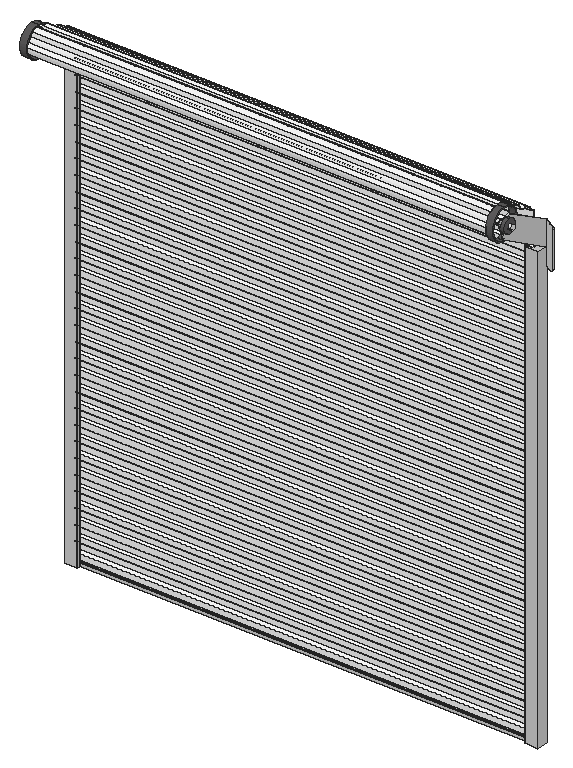
Revit family "ProStar-Rolling-Steel-Sheet-Doors_OHD_Model-770SS-REV-A_compact", category Specialty Equipment, host Wall, Revit 2023
Family settings
  Host = Wall
  Round Connector Dimension = Use Diameter
  Part Type = Normal
  OmniClass Number = 23.30.10.21.34
  OmniClass Title = Industrial Doors
  Enable Cutting in Views = No
  Always vertical = Yes
  Cut with Voids When Loaded = No
  Maintain Annotation Orientation = No
  Shared = No
  Room Calculation Point = No
Parameters (values of type "Manual push-up")
  Voltage = 0 V
  Version = "1.00.01"  # constant formula
  True Opening Width [instance] = Clear Width  # 100"
  True Opening Height [instance] = Clear Height  # 100"
  Slat Height = 3 91/256" * 3  # 10 17/256"
  Product Page URL = "https://www.overheaddoor.com/rolling-steel-sheet-doors-770ss"
  Slat Length [instance] = [Opening Width (Real)] + 1/4" * 2 + 1 77/256" * 2  # 103 13/128"
  Power Factor = 1
  Opening Width [instance] = 100"
  Opening Height [instance] = 100"
  Number of Poles = 1
  Motor Type [instance] = if(Manual, "Manual", "RLD Operator")  # "Manual"
  Min Opening Width [instance] = 36"  # constant formula
  Min Opening Height [instance] = 84"  # constant formula
  Max Opening Width [instance] = 120"  # constant formula
  Max Opening Height [instance] = 120"  # constant formula
  Manual = yes
  Headroom Height [instance] = 13"  # constant formula
  Opening Width (Real) [instance] = if(Opening Width < Min Opening Width, Min Opening Width, if(Opening Width > Max Opening Width, Max Opening Width, Opening Width))  # 100"
  Opening Height (Real) [instance] = if(Opening Height < Min Opening Height, Min Opening Height, if(Opening Height > Max Opening Height, Max Opening Height, Opening Height))  # 100"
  URL = "https://www.overheaddoor.com/"
  Product data url = "https://www.bimobject.com/overhead-door/product/rolling-steel-sheet-doors-770ss"
  Product Guid = "baa10993-ca86-4fcb-93c5-7650eb106bfa"
  Model = "770SS"  # constant formula
  Manufacturer = "Overhead Door Corporation"  # constant formula
  Wall Closure = By host
  Frequency = 0 Hz
  Floor To (CL) of Shaft [instance] = [Opening Height (Real)] + 9 149/256"  # 109 149/256"
  Finish Material = Metal - Overhead Door - Galvanized Steel
  Electrical Operator = not(Manual)  # no
  Description = "MODEL 770SS SELF-STORAGE ROLLING SHEET DOOR"  # constant formula
  Default Elevation = 0"
  Date Updated = "2026/05/29"  # constant formula
  Curtain Material [instance] = Steel - Overhead Door - White
  Current = 0 A
  Connection Offset [instance] = [Floor To (CL) of Shaft] - Array Length - 1 3/16" + 1/256"  # 7 47/64"
  Clear Width [instance] = [Opening Width (Real)]  # 100"
  Clear Height [instance] = [Opening Height (Real)]  # 100"
  BimObject_Variable_Connectors = "No"  # constant formula
  Backroom Depth [instance] = 15"  # constant formula
  Array Length [instance] = (Array) * Slat Height  # 100 85/128"
  Array [instance] = rounddown(([Opening Height (Real)] - 1 3/16" + 7 113/256") / Slat Height)  # 10
  Apparent Load Phase 1 = Voltage * Current  # 0 VA
Reference planes (in)
  plane 1 "Center (Front/Back)": y = 0
  plane 2 "Center (Left/Right)": x = 0
  plane 3 "Left": x = -50
  plane 4 "Right": x = 50
  plane 5 "Exterior": y = 1.5
  plane 6 "Interior": y = -4.5
  plane 7: x = 50
  plane 8: x = -50
  plane 9: z = 100
  plane 10 "Top": z = 113
  plane 11 "Main": y = -5.75
  plane 12: y = -19.5
  plane 13 "Main Door Block": y = -4.5
  plane 14: z = 47.47
  plane 15 "Bottom Bar": z = 1.1875
  plane 16: x = 52.5
  plane 17: x = -52.5
  plane 18: y = -5.253
  plane 19: y = -6.048
  plane 20: z = 101.85156
  plane 21: z = 109.58203
  plane 22: z = 11.25391
Lines and regions (in)
  Opening 1
    outline origin (-90, -4.5, 0) x (1, 0, 0) y (0, 0, 1)
      loop
        line (40, 0) -> (140, 0) -> (140, 100) -> (40, 100) -> (40, 0)
Text (in)
  text "Exterior" at (-74.96733, 27.31104, 0), in view "Ref. Level"
  text "Interior" at (-74.96733, -25.14366, 0), in view "Ref. Level"
  text "Exterior" at (0, 40.15149, 123.01588), in view "Right"
  text "Interior" at (0, -64.39139, 123.01588), in view "Right"
  text "Interior" at (0, -31.01599, 123.00693), in view "Left"
  text "Exterior" at (0, 54.57065, 123.00693), in view "Left"
Dimensions and locks (in)
  equal spacing: plane 3 "Left", plane 2 "Center (Left/Right)", plane 4 "Right"
  level to host wall = 459.59655"
  "Opening Height (Real)": level to plane 9
  plane 8 to plane 2 "Center (Left/Right)" to plane 7 = 50", 50"
  "Headroom Height": plane 9 to plane 10 "Top"
  locked: plane 13 "Main Door Block" to plane 11 "Main" at 1.25
  locked: plane 1 "Center (Front/Back)" to plane 6 "Interior" at 4.5
  locked: plane 8 to plane 17 at 2.5
  locked: plane 16 to plane 7 at 2.5
  locked: plane 5 "Exterior" to plane 1 "Center (Front/Back)" at 1.5
  equal spacing: plane 7, plane 2 "Center (Left/Right)", plane 8
  locked: plane 18 to plane 11 "Main" at 0.497
  "Opening Width (Real)": plane 7 to plane 8
  "Backroom Depth": plane 12 to plane 6 "Interior"
  locked: plane 11 "Main" to plane 19 at 0.298
  plane 19 to plane 11 "Main" = 0.298"
  locked: plane 15 "Bottom Bar" to level at 1.1875
  "Array Length": plane 20 to plane 15 "Bottom Bar"
  nested 1 to nested 1 = 0.937"
  "Floor To (CL) of Shaft": plane 21 to level
  locked: plane 12 to nested 3 at 3.418
  "Slat Height": plane 22 to plane 15 "Bottom Bar"
  equal spacing: group 1, group 2, group 3, group 4, group 5, group 6, group 7, group 8, group 9, group 10  (x3)
  locked: plane 7 to nested 13 at 7.9775
  locked: plane 12 to nested 13 at 3.418
  aligned and locked: Opening 1 sketch curve to level
  aligned and locked: plane 5 "Exterior" to host wall
  aligned and locked: host wall to plane 6 "Interior"
  aligned and locked: plane 8 to Opening 1 sketch curve
  aligned and locked: plane 7 to Opening 1 sketch curve
  aligned and locked: Opening 1 sketch curve to plane 9
  aligned and locked: nested 1 to plane 6 "Interior"
  aligned and locked: nested 1 to plane 2 "Center (Left/Right)"
  aligned and locked: level to nested 1
  aligned and locked: plane 13 "Main Door Block" to plane 6 "Interior"
  aligned and locked: plane 21 to nested 3
  aligned and locked: plane 2 "Center (Left/Right)" to nested 3
  aligned and locked: plane 15 "Bottom Bar" to nested 2
  aligned and locked: plane 22 to nested 4
  aligned and locked: plane 19 to nested 2
  aligned and locked: plane 19 to nested 4
  aligned and locked: plane 2 "Center (Left/Right)" to nested 2
  aligned and locked: plane 2 "Center (Left/Right)" to nested 4
  aligned and locked: plane 21 to nested 13
  aligned and locked: plane 4 "Right" to plane 7
Nested families (in)
  nested 1: "Lifts" at (0, -4.5, 0) x (-1, 0, 0) z (0, 0, 1), Floor To (CL) of Shaft <- "Floor To (CL) of Shaft", type "Frame Unit"
    with Floor To (CL) of Shaft 109 149/256"
  nested 2: "Slat" at (0, -6.048, 1.1875), type "Slat"
  nested 3: "Top Slat" at (0, -16.082, 109.58203), type "Top Slat"
  nested 4: "Slat" at (0, -6.048, 11.25391), type "Slat"
  nested 5: "Slat" at (0, -6.048, 21.32031), type "Slat"
  nested 6: "Slat" at (0, -6.048, 31.38672), type "Slat"
  nested 7: "Slat" at (0, -6.048, 41.45313), type "Slat"
  nested 8: "Slat" at (0, -6.048, 51.51953), type "Slat"
  nested 9: "Slat" at (0, -6.048, 61.58594), type "Slat"
  nested 10: "Slat" at (0, -6.048, 71.65234), type "Slat"
  nested 11: "Slat" at (0, -6.048, 81.71875), type "Slat"
  nested 12: "Slat" at (0, -6.048, 91.78516), type "Slat"
  nested 13: "Motor" at (57.9775, -16.082, 109.58203), visible <- "Electrical Operator", type "Motor"
Connectors (in)
  electrical at (55.0075, -16.082, 109.58203), driven by "Number of Poles", driven by "Voltage", driven by "Apparent Load Phase 1", driven by "Power Factor"
    settings: on nested 13, index 1, voltage 0 V, apparent load 0 VA, apparent load phase1 0 VA, apparent load phase2 0 VA, apparent load phase3 0 VA, power factor 1, load classification "Other", number of poles 1, system type 31, power factor state 1, is connector primary yes, connector utility no, sub classification motor no, connector description "Electrical Connector"
Definition of nested family "Lifts"
  Parameters (values of type "Frame Unit")
    Steel Support Outter Radius = 2.82"  # constant formula
    Steel Support Inner Radius = 2 3/4"  # constant formula
    Shaft Radius = 0.563"  # constant formula
    Shaft Material = none
    Setback = 1/4"  # constant formula
    Right Shaft Offset = 5"
    Resin Stopper Radius = 1 1/2"  # constant formula
    Resin Muft Outter Diameter = 3.417"  # constant formula
    Resin Muft Inner Diameter = 3.347"  # constant formula
    Resin Elements Material = none
    Opening Width = 100"
    Manual = yes
    Left Shaft Offset = 5"
    Jack Offset = if(Manual, -0.937", -0.293")  # -0.937"
    J Offset = 11.582"  # constant formula
    Headroom Height = 13"
    Header Width = 15"
    Guide Width R Real = Guid Width + Setback  # 3 1/4"
    Guide Width L Real = Guid Width + Setback  # 3 1/4"
    Guid Width = 3"
    Opening Height = 100"
    Floor To (CL) of Shaft [instance] = 107.54"
    Finish Material = none
    Electrical Operator = not(Manual)  # no
    Analytic Construction = "<None>"
  Reference planes (in)
    plane 1 "Center (Front/Back)": y = 0
    plane 2: z = 0
    plane 3 "Center (Left/Right)": x = 0
    plane 4 "Left": x = -50
    plane 5 "Right": x = 50
    plane 6 "Opening Height": z = 100
    plane 7: x = -55
    plane 8: x = 55
    plane 9: z = 113
    plane 10: y = 15
    plane 11: x = -25
    plane 12: x = 25
    plane 13: z = 107.54
    plane 14: y = 11.582
    plane 15: x = -51.55
    plane 16: x = 51.55
    plane 17: x = 53.25
    plane 18: x = -53.25
  Forms (in)
    Extrusion 1, solid, material <- "Finish Material"
      sketch origin (0, 0, 0) x (1, 0, 0) y (0, 1, 0)
        loop
          line (-53.25, 0) -> (-50.375, 0)
          arc (-50.375, 0) -> (-50.28661, 0.03661) -> (-50.25, 0.125) r 0.125
          line (-50.25, 0.125) -> (-50.25, 0.625)
          arc (-50.25, 0.625) -> (-50.26831, 0.66919) -> (-50.3125, 0.6875) r 0.0625
          line (-50.3125, 0.6875) -> (-51.55, 0.6875) -> (-51.55, 1.78125) -> (-50.325, 1.78125)
          arc (-50.325, 1.78125) -> (-50.27197, 1.80322) -> (-50.25, 1.85625) r 0.075
          line (-50.25, 1.85625) -> (-50.25, 2.21875)
          arc (-50.25, 2.21875) -> (-50.28661, 2.30714) -> (-50.375, 2.34375) r 0.125
          line (-50.375, 2.34375) -> (-53.25, 2.34375) -> (-53.25, 0)
        loop
          line (53.25, 0) -> (53.25, 2.34375) -> (50.3625, 2.34375)
          arc (50.3625, 2.34375) -> (50.28295, 2.3108) -> (50.25, 2.23125) r 0.1125
          line (50.25, 2.23125) -> (50.25, 1.85625)
          arc (50.25, 1.85625) -> (50.27197, 1.80322) -> (50.325, 1.78125) r 0.075
          line (50.325, 1.78125) -> (51.55, 1.78125) -> (51.55, 0.6875) -> (50.3125, 0.6875)
          arc (50.3125, 0.6875) -> (50.26831, 0.66919) -> (50.25, 0.625) r 0.0625
          line (50.25, 0.625) -> (50.25, 0.125)
          arc (50.25, 0.125) -> (50.28661, 0.03661) -> (50.375, 0) r 0.125
          line (50.375, 0) -> (53.25, 0)
      from 100 to 0
    Extrusion 2, solid, material <- "Finish Material"
      sketch origin (0, 0, 0) x (0, 1, 0) y (0, 0, 1)
        loop
          line (2.0625, 1) -> (2.0625, 1.1875) -> (1.45087, 1.1875) -> (1.45087, 2.125) -> (-0.15187, 2.125) -> (-0.3125, 1.96437) -> (-0.3125, 1.34813) -> (-0.15187, 1.1875) -> (0, 1.1875) -> (0, 1) -> (2.0625, 1)
      from -51.55 to 51.55
    Extrusion 3, solid, material <- "Finish Material"
      sketch origin (0, 0, 0) x (0, 1, 0) y (0, 0, 1)
        loop
          line (0.73437, 1) -> (0.73437, 0) -> (1.73437, 0) -> (1.73437, 1) -> (0.73437, 1)
      from -51.55 to 51.55
    Extrusion 4, solid, material <- "Shaft Material"
      sketch origin (0, 0, 0) x (0, 1, 0) y (0, 0, 1)
        loop
          circle (11.582, 107.54) r 0.563
      from -55 to 55
    Extrusion 5, solid, material <- "Finish Material"
      sketch origin (-53.25, 0, 100) x (0, 0, 1) y (-1, 0, 0)
        loop
          line (-3.60557, -106.5) -> (-4.29837, -107.29697)
          arc (-4.29837, -107.29697) -> (-4.37599, -107.83235) -> (-3.92101, -108.125) r 0.5
          line (-3.92101, -108.125) -> (4.09522, -108.125)
          arc (4.09522, -108.125) -> (4.31048, -108.07629) -> (4.4838, -107.93966) r 0.5
          line (4.4838, -107.93966) -> (5.54434, -106.63) -> (5.54434, -106.5) -> (-3.60557, -106.5)
        loop
          line (-3.60557, 0) -> (5.54434, 0) -> (5.54434, 0.13) -> (4.4838, 1.43966)
          arc (4.4838, 1.43966) -> (4.31048, 1.57629) -> (4.09522, 1.625) r 0.5
          line (4.09522, 1.625) -> (-3.92101, 1.625)
          arc (-3.92101, 1.625) -> (-4.37599, 1.33235) -> (-4.29837, 0.79697) r 0.5
          line (-4.29837, 0.79697) -> (-3.60557, 0)
      from 0 to -0.13
    Extrusion 6, solid, material <- "Finish Material"
      sketch origin (-53.25, 0, 100) x (0, 0, 1) y (0, -1, 0)
        loop
          line (11.28691, -10.43366) -> (5.56096, 0) -> (0.01773, 0) -> (6.5984, -11.99111) -> (10.6357, -13.50019) -> (11.28691, -10.43366)
      from 0 to 0.13
    Extrusion 7, solid, material <- "Finish Material"
      sketch origin (53.25, 0, 100) x (0, 0, 1) y (0, -1, 0)
        loop
          line (11.28691, -10.43366) -> (5.56096, 0) -> (0.01773, 0) -> (6.5984, -11.99111) -> (10.6357, -13.50019) -> (11.28691, -10.43366)
      from 0 to -0.13
    Extrusion 8, solid, material <- "Resin Elements Material"
      sketch origin (-53.25, 0, 100) x (0, 0, 1) y (0, -1, 0)
        loop
          circle (7.54, -11.582) r 1.5
      from -0.937 <- "Jack Offset" to 0
    Extrusion 9, solid, material <- "Resin Elements Material"
      sketch origin (53.25, 0, 100) x (0, 0, 1) y (0, -1, 0)
        loop
          circle (7.54, -11.582) r 1.5
      from 0.937 to 0
    Extrusion 10, void
      sketch origin (0, 0, 0) x (1, 0, 0) y (0, 1, 0)
        loop
          line (50, -0.3125) -> (51.55, -0.3125) -> (51.55, 0.125) -> (50, 0.125) -> (50, -0.3125)
        loop
          line (-50, -0.3125) -> (-50, 0.125) -> (-51.55, 0.125) -> (-51.55, -0.3125) -> (-50, -0.3125)
      from 0 to 2.125
    Extrusion 11, solid, material <- "Resin Elements Material"
      sketch origin (53.25, 0, 100) x (0, 0, 1) y (0, -1, 0)
        loop
          circle (7.54, -11.582) r 3.417
        loop
          circle (7.54, -11.582) r 3.347
      from -1.7 to -0.13
    Extrusion 12, solid, material <- "Resin Elements Material"
      sketch origin (-53.25, 0, 100) x (0, 0, 1) y (0, -1, 0)
        loop
          circle (7.54, -11.582) r 3.417
        loop
          circle (7.54, -11.582) r 3.347
      from 1.7 to 0.13
    Extrusion 13, solid, material <- "Shaft Material"
      sketch origin (25, -180, 76.25522) x (0, 0, 1) y (0, -1, 0)
        loop
          line (31.28478, -188.832) -> (31.28478, -188.762)
          arc (31.28478, -188.762) -> (28.46478, -191.582) -> (31.28478, -194.402) r 2.82
          line (31.28478, -194.402) -> (31.28478, -194.332)
          arc (31.28478, -194.332) -> (28.53478, -191.582) -> (31.28478, -188.832) r 2.75
      from -0.753 to 0.753
    Extrusion 14, solid, material <- "Shaft Material"
      sketch origin (0, 0, 0) x (0, 1, 0) y (0, 0, 1)
        loop
          line (8.832, 107.54) -> (8.762, 107.54)
          arc (8.762, 107.54) -> (11.582, 104.72) -> (14.402, 107.54) r 2.82
          line (14.402, 107.54) -> (14.332, 107.54)
          arc (14.332, 107.54) -> (11.582, 104.79) -> (8.832, 107.54) r 2.75
      from -0.753 to 0.753
    Extrusion 15, solid, material <- "Shaft Material"
      sketch origin (-25, -180, -24) x (0, 0, -1) y (0, -1, 0)
        loop
          arc (-131.54, -188.832) -> (-128.79, -191.582) -> (-131.54, -194.332) r 2.75
          line (-131.54, -194.332) -> (-131.54, -194.402)
          arc (-131.54, -194.402) -> (-128.72, -191.582) -> (-131.54, -188.762) r 2.82
          line (-131.54, -188.762) -> (-131.54, -188.832)
      from -0.753 to 0.753
  Cuts and joins
    joined: Extrusion 5, Extrusion 6, Extrusion 7
    Extrusion 10 cuts Extrusion 2
  Lines and regions (in)
    Masking region 1
      outline origin (0, 0, 0) x (1, 0, 0) y (0, 1, 0)
        loop
          line (-54.187, 13.082) -> (-54.187, 10.082) -> (-53.25, 10.082) -> (-53.25, 13.082) -> (-54.187, 13.082)
        loop
          line (-51.55, 8.165) -> (-51.55, 14.999) -> (-53.12, 14.999) -> (-53.12, 8.165) -> (-51.55, 8.165)
        loop
          line (51.55, 14.999) -> (51.55, 8.165) -> (53.12, 8.165) -> (53.12, 14.999) -> (51.55, 14.999)
        loop
          line (54.187, 10.082) -> (54.187, 13.082) -> (53.25, 13.082) -> (53.25, 10.082) -> (54.187, 10.082)
    Masking region 2
      outline origin (0, 0, 0) x (1, 0, 0) y (0, 1, 0)
        loop
          line (-53.25, 13.50019) -> (-53.25, 0.13) -> (-54.875, 0.13) -> (-54.875, 0) -> (-53.12, 0) -> (-53.12, 13.50019) -> (-53.25, 13.50019)
        loop
          line (53.25, 0.13) -> (53.25, 13.50019) -> (53.12, 13.50019) -> (53.12, 0) -> (54.875, 0) -> (54.875, 0.13) -> (53.25, 0.13)
        loop
          line (55, 11.019) -> (55, 12.145) -> (54.187, 12.145) -> (54.187, 11.019) -> (55, 11.019)
    Masking region 3
      outline origin (0, 0, 0) x (1, 0, 0) y (0, 1, 0)
        loop
          line (-51.55, 2.34375) -> (-53.25, 2.34375) -> (-53.25, 0) -> (-51.55, 0) -> (-51.55, 2.34375)
        loop
          line (51.55, 2.34375) -> (51.55, 0) -> (53.25, 0) -> (53.25, 2.34375) -> (51.55, 2.34375)
    Masking region 4
      outline origin (0, 0, 0) x (1, 0, 0) y (0, 1, 0)
        loop
          line (-55, 11.019) -> (-54.187, 11.019) -> (-54.187, 12.145) -> (-55, 12.145) -> (-55, 11.019)
    reference lines
      curve 1: line (53.25, 0, 100) -> (53.25, 0, 109.583)
      curve 2: line (-53.25, 0, 100) -> (-53.25, 0, 109.583)
  Dimensions and locks (in)
    equal spacing: plane 4 "Left", plane 3 "Center (Left/Right)", plane 5 "Right"
    "Opening Width": plane 4 "Left" to plane 5 "Right"
    "Opening Height": plane 6 "Opening Height" to level
    "Guide Width L Real": Extrusion 1 sketch curve to plane 4 "Left"
    locked: Extrusion 1 sketch curve to Extrusion 1 sketch curve at 2.34375
    "Headroom Height": plane 9 to plane 6 "Opening Height"
    plane 10 to plane 1 "Center (Front/Back)" = 15"
    "Header Width": plane 10 to plane 1 "Center (Front/Back)"
    locked: Extrusion 1 sketch curve to Extrusion 1 sketch curve at 0.5625
    locked: Extrusion 1 sketch curve to Extrusion 1 sketch curve at 0.6875
    locked: Extrusion 3 sketch curve to level at 1
    locked: Extrusion 2 sketch curve to level at 2.125
    locked: Extrusion 2 sketch curve to level at 1.1875
    locked: Extrusion 2 sketch curve to Extrusion 2 sketch curve at 1.125
    locked: Extrusion 2 sketch curve to Extrusion 2 sketch curve at 0.16063  (x2)
    locked: Extrusion 10 sketch curve to plane 1 "Center (Front/Back)" at 0.3125  (x2)
    locked: plane 1 "Center (Front/Back)" to Extrusion 10 sketch curve at 0.125
    equal spacing: plane 4 "Left", plane 11, plane 3 "Center (Left/Right)"
    equal spacing: plane 5 "Right", plane 12, plane 3 "Center (Left/Right)"
    "Floor To (CL) of Shaft": plane 13 to plane 2
    "J Offset": plane 14 to plane 1 "Center (Front/Back)"
    locked: curve 1 to curve 1 at 9.583
    locked: curve 2 to curve 2 at 9.583
    "Setback": Extrusion 1 sketch curve to plane 4 "Left"
    locked: Extrusion 1 sketch curve to Extrusion 1 sketch curve at 1.3  (x2)
    "Setback": plane 5 "Right" to Extrusion 1 sketch curve
    "Guide Width R Real": plane 5 "Right" to Extrusion 1 sketch curve
    locked: plane 15 to plane 4 "Left" at 1.55
    locked: plane 5 "Right" to plane 16 at 1.55
    "Guide Width R Real": plane 5 "Right" to plane 17
    "Guide Width L Real": plane 18 to plane 4 "Left"
    "Left Shaft Offset": plane 7 to plane 4 "Left"
    "Right Shaft Offset": plane 5 "Right" to plane 8
    equal spacing: Masking region 1 sketch curve, plane 14, Masking region 1 sketch curve  (x2)
    "Resin Stopper Radius": plane 14 to Masking region 1 sketch curve
    "Resin Muft Outter Diameter": Masking region 1 sketch curve to plane 14
    locked: Masking region 2 sketch curve to plane 18 at 1.625
    locked: plane 17 to Masking region 2 sketch curve at 1.625
    equal spacing: Masking region 2 sketch curve, plane 14, Masking region 2 sketch curve
    "Shaft Radius": Masking region 2 sketch curve to plane 14
    locked: plane 1 "Center (Front/Back)" to Extrusion 3 sketch curve at 0.73437
    locked: Extrusion 3 sketch curve to Extrusion 3 sketch curve at 1
    equal spacing: Masking region 4 sketch curve, plane 14, Masking region 4 sketch curve
    "Shaft Radius": Masking region 4 sketch curve to plane 14
    radius of Extrusion 1 sketch curve = 1/16"  (x2)
    radius of Extrusion 1 sketch curve = 1/8"  (x3)
    radius of Extrusion 1 sketch curve = 0.075"  (x2)
    radius of Extrusion 1 sketch curve = 0.1125"
    "Shaft Radius": radius of Extrusion 4 sketch curve
    radius of Extrusion 5 sketch curve = 1/2"  (x4)
    "Resin Muft Inner Diameter": radius of Extrusion 11 sketch curve
    "Resin Muft Outter Diameter": radius of Extrusion 11 sketch curve
    "Resin Muft Inner Diameter": radius of Extrusion 12 sketch curve
    "Resin Muft Outter Diameter": radius of Extrusion 12 sketch curve
    "Resin Stopper Radius": radius of Extrusion 8 sketch curve
    "Resin Stopper Radius": radius of Extrusion 9 sketch curve
    "Steel Support Inner Radius": radius of Extrusion 13 sketch curve
    "Steel Support Outter Radius": radius of Extrusion 13 sketch curve
    "Steel Support Outter Radius": radius of Extrusion 14 sketch curve
    "Steel Support Inner Radius": radius of Extrusion 14 sketch curve
    "Steel Support Inner Radius": radius of Extrusion 15 sketch curve
    "Steel Support Outter Radius": radius of Extrusion 15 sketch curve
    locked: Extrusion 5 sketch curve to Extrusion 5 sketch curve (angle 129.00°)  (x2)
    locked: Extrusion 5 sketch curve to Extrusion 5 sketch curve (angle 131.00°)
    aligned and locked: plane 2 to level
    aligned and locked: plane 1 "Center (Front/Back)" to Extrusion 1 sketch curve
    aligned and locked: Extrusion 1 sketch curve to plane 1 "Center (Front/Back)"
    aligned and locked: Extrusion 1 sketch curve to Extrusion 1 sketch curve  (x5)
    aligned and locked: plane 7 to Extrusion 4
    aligned and locked: Extrusion 4 to plane 8
    aligned and locked: plane 6 "Opening Height" to Extrusion 1
    aligned and locked: Extrusion 3 sketch curve to level
    aligned and locked: Extrusion 2 sketch curve to Extrusion 2 sketch curve
    aligned and locked: Extrusion 10 sketch curve to plane 5 "Right"
    aligned and locked: Extrusion 10 sketch curve to plane 4 "Left"
    aligned and locked: Extrusion 10 sketch curve to Extrusion 10 sketch curve
    aligned and locked: Extrusion 13 sketch curve to Extrusion 13 sketch curve  (x2)
    aligned and locked: Extrusion 15 sketch curve to Extrusion 15 sketch curve  (x2)
    aligned and locked: Extrusion 14 sketch curve to Extrusion 14 sketch curve  (x2)
    aligned and locked: plane 13 to Extrusion 4 sketch curve
    aligned and locked: plane 14 to Extrusion 4 sketch curve
    aligned and locked: plane 14 to Extrusion 8 sketch curve
    aligned and locked: plane 13 to Extrusion 8 sketch curve
    aligned and locked: plane 14 to Extrusion 9 sketch curve
    aligned and locked: plane 13 to Extrusion 9 sketch curve
    aligned and locked: plane 14 to Extrusion 11 sketch curve  (x2)
    aligned and locked: plane 13 to Extrusion 11 sketch curve  (x2)
    aligned and locked: plane 14 to Extrusion 12 sketch curve  (x2)
    aligned and locked: plane 13 to Extrusion 12 sketch curve
    aligned and locked: plane 14 to Extrusion 13 sketch curve  (x2)
    aligned and locked: plane 13 to Extrusion 13 sketch curve  (x2)
    aligned and locked: plane 14 to Extrusion 14 sketch curve  (x2)
    aligned and locked: plane 13 to Extrusion 14 sketch curve  (x2)
    aligned and locked: plane 14 to Extrusion 15 sketch curve  (x2)
    aligned and locked: plane 13 to Extrusion 15 sketch curve  (x2)
    aligned and locked: plane 6 "Opening Height" to curve 1
    aligned and locked: plane 6 "Opening Height" to curve 2
    aligned and locked: Extrusion 10 sketch curve to plane 15
    aligned and locked: plane 15 to Extrusion 3
    aligned and locked: plane 15 to cut or joined group of Extrusion 2, Extrusion 10
    aligned and locked: Extrusion 3 to plane 16
    aligned and locked: cut or joined group of Extrusion 2, Extrusion 10 to plane 16
    aligned and locked: Extrusion 10 sketch curve to plane 16
    aligned and locked: curve 1 to plane 17
    aligned and locked: Extrusion 5 sketch curve to curve 1
    aligned and locked: curve 2 to plane 18
    aligned and locked: Masking region 1 sketch curve to Extrusion 8  (x2)
    aligned and locked: Extrusion 12 to Masking region 1 sketch curve  (x2)
    aligned and locked: Masking region 1 sketch curve to Extrusion 11  (x2)
    aligned and locked: Masking region 1 sketch curve to Extrusion 9  (x2)
    aligned and locked: Masking region 1 sketch curve to Masking region 1 sketch curve  (x4)
    aligned and locked: Masking region 2 sketch curve to cut or joined group of Extrusion 5, Extrusion 6, Extrusion 7  (x7)
    aligned and locked: cut or joined group of Extrusion 5, Extrusion 6, Extrusion 7 to Masking region 2 sketch curve  (x3)
    aligned and locked: Masking region 2 sketch curve to plane 8
    aligned and locked: Extrusion 9 to Masking region 2 sketch curve
    aligned and locked: Extrusion 1 to Masking region 3 sketch curve  (x2)
    aligned and locked: Masking region 3 sketch curve to Extrusion 1  (x4)
    aligned and locked: Masking region 4 sketch curve to plane 7
    aligned and locked: Extrusion 8 to Masking region 4 sketch curve
  Automatic sketch dimensions
    Extrusion 2 sketch curve to plane 1 "Center (Front/Back)" = 0"
    plane 1 "Center (Front/Back)" to Extrusion 2 sketch curve = 0.15187"  (x2)
    Extrusion 2 sketch curve to Extrusion 2 sketch curve = 0.16063"
    Extrusion 2 sketch curve to Extrusion 2 sketch curve = 0.61162"
    Extrusion 2 sketch curve to plane 1 "Center (Front/Back)" = 1.45088"
    Extrusion 7 sketch curve to curve 1 = 0"
    curve 1 to Extrusion 7 sketch curve = 0.01773"
    Extrusion 7 sketch curve to curve 1 = 4.02204"
    Extrusion 7 sketch curve to curve 1 = 2.9846"
    curve 1 to Extrusion 7 sketch curve = 1.0527"
    curve 1 to Extrusion 7 sketch curve = 1.70391"
    Extrusion 7 sketch curve to curve 1 = 10.43366"
    Extrusion 7 sketch curve to curve 1 = 11.99111"
    Extrusion 7 sketch curve to curve 1 = 13.50019"
    curve 2 to Extrusion 5 sketch curve = 0"
    Extrusion 5 sketch curve to curve 2 = 4.29837"  (x2)
    Extrusion 5 sketch curve to curve 2 = 0.79697"
    Extrusion 5 sketch curve to Extrusion 5 sketch curve = 0.37735"
    Extrusion 5 sketch curve to Extrusion 5 sketch curve = 0.6928"
    curve 2 to Extrusion 5 sketch curve = 4.09522"  (x2)
    Extrusion 5 sketch curve to curve 2 = 0.13"
    Extrusion 5 sketch curve to Extrusion 5 sketch curve = 1.06054"
    Extrusion 6 sketch curve to curve 2 = 0"
    curve 2 to Extrusion 6 sketch curve = 0.01773"
    Extrusion 6 sketch curve to curve 2 = 4.02204"
    Extrusion 6 sketch curve to curve 2 = 2.9846"
    curve 2 to Extrusion 6 sketch curve = 1.0527"
    curve 2 to Extrusion 6 sketch curve = 1.70391"
    Extrusion 6 sketch curve to curve 2 = 10.43366"
    Extrusion 6 sketch curve to curve 2 = 11.99111"
    Extrusion 6 sketch curve to curve 2 = 13.50019"
    Masking region 3 sketch curve to Masking region 3 sketch curve = 2 11/32"
    plane 1 "Center (Front/Back)" to Masking region 3 sketch curve = 0"
    Extrusion 12 sketch curve to Extrusion 12 sketch curve = 0"
Definition of nested family "Slat"
  Parameters (values of type "Slat")
    Slat Height = 3.354" * 3  # 10.062"
    Panel Material = none
    Opening Width = 103 13/128"
    Default Elevation = 48"
  Reference planes (in)
    plane 1 "Center (Front/Back)": y = 0
    plane 2: z = 0
    plane 3 "Center (Left/Right)": x = 0
    plane 4: z = 10.062
    plane 5: x = -51.55078
    plane 6: x = 51.55078
  Forms (in)
    Extrusion 1, solid, material <- "Panel Material"
      sketch origin (0, 0, 0) x (0, 1, 0) y (0, 0, 1)
        loop
          line (0.5962, 1.67027) -> (0.5962, 2.9709) -> (0.04, 3.375) -> (0.04, 4.62025) -> (0.5962, 5.02435) -> (0.5962, 6.32497) -> (0.04, 6.72907) -> (0.04, 7.97432) -> (0.5962, 8.37842) -> (0.5962, 9.67905) -> (0.04, 10.08315) -> (0, 10.06222) -> (0.5562, 9.65812) -> (0.5562, 8.3988) -> (0, 7.9947) -> (0, 6.70815) -> (0.5562, 6.30405) -> (0.5562, 5.04473) -> (0, 4.64063) -> (0, 3.35407) -> (0.5562, 2.94997) -> (0.5562, 1.69065) -> (0, 1.28655) -> (0, 0) -> (0.04, 0) -> (0.04, 1.26617) -> (0.5962, 1.67027)
      from -51.55078 to 51.55078
  Dimensions and locks (in)
    "Slat Height": plane 4 to plane 2
    equal spacing: plane 5, plane 3 "Center (Left/Right)", plane 6
    "Opening Width": plane 5 to plane 6
    aligned and locked: plane 2 to level
    aligned and locked: plane 5 to Extrusion 1
    aligned and locked: plane 6 to Extrusion 1
  Automatic sketch dimensions
    Extrusion 1 sketch curve to plane 1 "Center (Front/Back)" = 0"  (x4)
    Extrusion 1 sketch curve to level = 0"
    Extrusion 1 sketch curve to plane 1 "Center (Front/Back)" = 0.04"  (x3)
    Extrusion 1 sketch curve to Extrusion 1 sketch curve = 0.04"  (x4)
    Extrusion 1 sketch curve to plane 1 "Center (Front/Back)" = 0.5562"  (x3)
    level to Extrusion 1 sketch curve = 1.26617"
    Extrusion 1 sketch curve to Extrusion 1 sketch curve = 0.02038"  (x6)
    Extrusion 1 sketch curve to Extrusion 1 sketch curve = 0.4041"  (x5)
    Extrusion 1 sketch curve to Extrusion 1 sketch curve = 1.25932"  (x2)
    Extrusion 1 sketch curve to Extrusion 1 sketch curve = 0.02093"  (x5)
    Extrusion 1 sketch curve to Extrusion 1 sketch curve = 1.24525"
    Extrusion 1 sketch curve to Extrusion 1 sketch curve = 1.26617"
    Extrusion 1 sketch curve to plane 4 = 0.40388"
    plane 4 to Extrusion 1 sketch curve = 0.00022"
    plane 4 to Extrusion 1 sketch curve = 0.02115"
Definition of nested family "Top Slat"
  Parameters (values of type "Top Slat")
    Slat Height = 3.354"  # constant formula
    Primar Offset = 7 47/64"
    Panel Material = none
    Opening Width = 103 13/128"
    Offset 2 = if(Primar Offset > Slat Height * 2 + 2.175", Slat Height, 0")  # 0"
    Offset 1 = if(Primar Offset > Slat Height + 2.175", Slat Height, 0")  # 3.354"
    Default Elevation = 48"
    2nd Slat = if(Offset 2 = 0", 1 = 2, 1 = 1)  # no
    1st Slat = if(Offset 1 = 0", 1 = 2, 1 = 1)  # yes
  Reference planes (in)
    plane 1 "Center (Front/Back)": y = 0
    plane 2: z = 0
    plane 3 "Center (Left/Right)": x = 0
    plane 4: x = -51.55078
    plane 5: x = 51.55078
  Forms (in)
    Extrusion 1, solid, material <- "Panel Material"
      sketch origin (0, -2.21749, 3.375) x (0, 1, 0) y (0, 0, 1)
        loop
          arc (2.2385, -0.55491) -> (2.90984, -0.64119) -> (3.54127, -0.88496) r 2.82005
          line (3.54127, -0.88496) -> (4.1592, -0.5836) -> (5.2711, -1.17484) -> (5.36676, -1.85566) -> (6.5027, -2.45969) -> (7.12063, -2.15833) -> (8.23253, -2.74957) -> (8.32819, -3.43038) -> (9.46413, -4.03442) -> (10.08206, -3.73305) -> (11.19395, -4.3243) -> (11.28962, -5.00511) -> (12.25127, -5.51647) -> (12.25127, -7.75537) -> (12.32007, -7.75537) -> (12.29127, -7.73445) -> (12.29127, -5.49244) -> (11.32639, -4.97936) -> (11.23073, -4.29855) -> (10.08236, -3.68791) -> (9.46443, -3.98928) -> (8.36496, -3.40464) -> (8.2693, -2.72382) -> (7.12094, -2.11318) -> (6.50301, -2.41455) -> (5.40354, -1.82991) -> (5.30787, -1.1491) -> (4.15951, -0.53846) -> (3.54044, -0.84037)
          arc (3.54044, -0.84037) -> (2.91384, -0.60198) -> (2.24895, -0.51606) r 2.85911
          line (2.24895, -0.51606) -> (1.41069, -0.05371)
          arc (1.41069, -0.05371) -> (0.81102, -0.25989) -> (0.25975, -0.5733) r 3.4177
          line (0.25975, -0.5733) -> (0.10536, -1.44798)
          arc (0.10536, -1.44798) -> (-0.25791, -1.94431) -> (-0.50663, -2.50685) r 2.85911
          line (-0.50663, -2.50685) -> (-1.19337, -3.1553)
          arc (-1.19337, -3.1553) -> (-1.17377, -3.80098) -> (-1.03302, -4.43143) r 3.4177
          line (-1.03302, -4.43143) -> (-0.4347, -4.64297) -> (-0.38486, -4.61914) -> (-1.0029, -4.40098)
          arc (-1.0029, -4.40098) -> (-1.13648, -3.7942) -> (-1.15668, -3.17321) r 3.37872
          line (-1.15668, -3.17321) -> (-0.47282, -2.52867)
          arc (-0.47282, -2.52867) -> (-0.22402, -1.96323) -> (0.14193, -1.46553) r 2.82005
          line (0.14193, -1.46553) -> (0.2957, -0.59436)
          arc (0.2957, -0.59436) -> (0.82717, -0.29423) -> (1.40396, -0.09461) r 3.37872
          line (1.40396, -0.09461) -> (2.2385, -0.55491)
      from -51.55078 to 51.55078
    Extrusion 2, solid, material <- "Panel Material", visible <- "1st Slat"
      sketch origin (0, 0, -7.73438) x (0, 1, 0) y (0, 0, 1)
        loop
          line (10.62998, 1.67027) -> (10.62998, 2.9709) -> (10.07378, 3.375) -> (10.03378, 3.35407) -> (10.58998, 2.94997) -> (10.58998, 1.69065) -> (10.03378, 1.28655) -> (10.03378, 0) -> (10.07378, 0) -> (10.07378, 1.26617) -> (10.62998, 1.67027)
      from -51.55078 to 51.55078
    Extrusion 3, solid, material <- "Panel Material", visible <- "2nd Slat"
      sketch origin (0, 0, -4.38038) x (0, 1, 0) y (0, 0, 1)
        loop
          line (10.62998, 1.67027) -> (10.62998, 2.9709) -> (10.07378, 3.375) -> (10.03378, 3.35407) -> (10.58998, 2.94997) -> (10.58998, 1.69065) -> (10.03378, 1.28655) -> (10.03378, 0) -> (10.07378, 0) -> (10.07378, 1.26617) -> (10.62998, 1.67027)
      from -51.55078 to 51.55078
  Lines and regions (in)
    Masking region 1
      outline origin (0, 0, 0) x (1, 0, 0) y (0, 1, 0)
        loop
          line (-51.55078, -3.41086) -> (51.55078, -3.41086) -> (51.55078, 10.10258) -> (-51.55078, 10.10258) -> (-51.55078, -3.41086)
    Masking region 2
      outline origin (0, 0.0688, 0) x (1, 0, 0) y (0, 1, 0)
        loop
          line (-51.55078, 10.03378) -> (51.55078, 10.03378) -> (51.55078, 11.51459) -> (-51.55078, 11.51459) -> (-51.55078, 10.03378)
    symbolic lines
      curve 1: line (-51.55078, 9.1089, 0) -> (51.55078, 9.1089, 0)
      curve 2: line (-51.55078, 9.01324, 0) -> (51.55078, 9.01324, 0)
      curve 3: line (-51.55078, 7.86487, 0) -> (51.55078, 7.86487, 0)
      curve 4: line (-51.55078, 7.24694, 0) -> (51.55078, 7.24694, 0)
      curve 5: line (-51.55078, 6.14747, 0) -> (51.55078, 6.14747, 0)
      curve 6: line (-51.55078, 6.05181, 0) -> (51.55078, 6.05181, 0)
      curve 7: line (-51.55078, 4.90344, 0) -> (51.55078, 4.90344, 0)
      curve 8: line (-51.55078, 4.28551, 0) -> (51.55078, 4.28551, 0)
      curve 9: line (-51.55078, 3.18604, 0) -> (51.55078, 3.18604, 0)
      curve 10: line (-51.55078, 3.09038, 0) -> (51.55078, 3.09038, 0)
      curve 11: line (-51.55078, 1.94202, 0) -> (51.55078, 1.94202, 0)
      curve 12: line (-51.55078, 1.32295, 0) -> (51.55078, 1.32295, 0)
      curve 13: line (-51.55078, 0.03146, 0) -> (51.55078, 0.03146, 0)
      curve 14: line (-51.55078, -0.8068, 0) -> (51.55078, -0.8068, 0)
      curve 15: line (-51.55078, -1.95774, 0) -> (51.55078, -1.95774, 0)
      curve 16: line (-51.55078, -2.11214, 0) -> (51.55078, -2.11214, 0)
      curve 17: line (-51.55078, -2.72412, 0) -> (51.55078, -2.72412, 0)
    reference lines
      curve 18: line (0, 0, -4.38038) -> (0, 15, -4.38038)
      curve 19: line (0, 0, -4.38038) -> (0, 15, -4.38038)
      curve 20: line (0, 0, -7.73438) -> (0, 15, -7.73438)
  Dimensions and locks (in)
    equal spacing: plane 4, plane 3 "Center (Left/Right)", plane 5
    "Opening Width": plane 4 to plane 5
    locked: Masking region 2 sketch curve to Masking region 2 sketch curve at 1.48081
    locked: curve 18 to curve 18 at 15
    locked: curve 19 to curve 19 at 15
    locked: curve 20 to curve 20 at 15
    "Offset 2": curve 19 to curve 18
    "Offset 1": curve 20 to curve 19
    "Primar Offset": curve 20 to level
    locked: Extrusion 1 sketch curve to Extrusion 1 sketch curve at 0.0688
    radius of Extrusion 1 sketch curve = 2.85911"
    radius of Extrusion 1 sketch curve = 2.82005"
    radius of Extrusion 1 sketch curve = 3.4177"
    radius of Extrusion 1 sketch curve = 3.37872"
    locked: Extrusion 1 sketch curve to Extrusion 1 sketch curve (angle 36.00°)
    aligned and locked: plane 2 to level
    aligned and locked: plane 4 to Extrusion 1
    aligned and locked: plane 5 to Extrusion 1
    aligned and locked: Masking region 1 sketch curve to plane 4
    aligned and locked: plane 5 to Masking region 1 sketch curve
    aligned and locked: Masking region 1 sketch curve to Extrusion 1  (x2)
    aligned and locked: plane 4 to curve 17
    aligned and locked: plane 4 to curve 16
    aligned and locked: plane 4 to curve 15
    aligned and locked: plane 4 to curve 14
    aligned and locked: plane 4 to curve 13
    aligned and locked: plane 4 to curve 12
    aligned and locked: plane 4 to curve 11
    aligned and locked: plane 4 to curve 10
    aligned and locked: plane 4 to curve 9
    aligned and locked: plane 4 to curve 8
    aligned and locked: plane 4 to curve 7
    aligned and locked: plane 4 to curve 6
    aligned and locked: plane 4 to curve 5
    aligned and locked: plane 4 to curve 4
    aligned and locked: plane 4 to curve 3
    aligned and locked: plane 4 to curve 2
    aligned and locked: plane 4 to curve 1
    aligned and locked: plane 5 to curve 17
    aligned and locked: plane 5 to curve 16
    aligned and locked: plane 5 to curve 15
    aligned and locked: plane 5 to curve 14
    aligned and locked: plane 5 to curve 13
    aligned and locked: plane 5 to curve 12
    aligned and locked: plane 5 to curve 11
    aligned and locked: plane 5 to curve 10
    aligned and locked: plane 5 to curve 9
    aligned and locked: plane 5 to curve 8
    aligned and locked: plane 5 to curve 7
    aligned and locked: plane 5 to curve 6
    aligned and locked: plane 5 to curve 5
    aligned and locked: plane 5 to curve 4
    aligned and locked: plane 5 to curve 3
    aligned and locked: plane 5 to curve 2
    aligned and locked: plane 5 to curve 1
    aligned and locked: Masking region 2 sketch curve to plane 4
    aligned and locked: plane 5 to Masking region 2 sketch curve
    aligned and locked: plane 1 "Center (Front/Back)" to curve 18
    aligned and locked: plane 1 "Center (Front/Back)" to curve 19
    aligned and locked: plane 1 "Center (Front/Back)" to curve 20
    aligned and locked: curve 18 to Extrusion 1 sketch curve
    aligned and locked: plane 4 to Extrusion 2
    aligned and locked: plane 5 to Extrusion 2
    aligned and locked: plane 4 to Extrusion 3
    aligned and locked: plane 5 to Extrusion 3
  Automatic sketch dimensions
    plane 1 "Center (Front/Back)" to curve 17 = 2.72412"
    curve 17 to curve 16 = 0.61198"
    curve 16 to curve 15 = 0.1544"
    plane 1 "Center (Front/Back)" to curve 14 = 0.8068"
    curve 13 to plane 1 "Center (Front/Back)" = 0.03146"
    curve 13 to curve 12 = 1.29149"
    curve 12 to curve 11 = 0.61907"
    curve 11 to curve 10 = 1.14837"
    curve 10 to curve 9 = 0.09566"
    curve 9 to curve 8 = 1.09947"
    curve 8 to curve 7 = 0.61793"
    curve 7 to curve 6 = 1.14837"
    curve 6 to curve 5 = 0.09566"
    curve 5 to curve 4 = 1.09947"
    curve 4 to curve 3 = 0.61793"
    curve 3 to curve 2 = 1.14837"
    curve 2 to curve 1 = 0.09566"
    Extrusion 1 sketch curve to Extrusion 1 sketch curve = 0"  (x16)
    Extrusion 1 sketch curve to level = 0"
    Extrusion 1 sketch curve to plane 1 "Center (Front/Back)" = 0"
    plane 1 "Center (Front/Back)" to Extrusion 1 sketch curve = 0.00022"
    Extrusion 1 sketch curve to Extrusion 1 sketch curve = 0.00122"
    plane 1 "Center (Front/Back)" to Extrusion 1 sketch curve = 0.8068"
    Extrusion 1 sketch curve to Extrusion 1 sketch curve = 0.00673"
    Extrusion 1 sketch curve to Extrusion 1 sketch curve = 1.10826"
    Extrusion 1 sketch curve to Extrusion 1 sketch curve = 0.03595"
    Extrusion 1 sketch curve to Extrusion 1 sketch curve = 0.15377"
    level to Extrusion 1 sketch curve = 1.92702"
    Extrusion 1 sketch curve to level = 1.24414"
    plane 1 "Center (Front/Back)" to Extrusion 1 sketch curve = 2.60235"
    Extrusion 1 sketch curve to level = 1.26797"
    Extrusion 1 sketch curve to Extrusion 1 sketch curve = 0.04984"
    level to Extrusion 1 sketch curve = 0.84633"
    Extrusion 1 sketch curve to Extrusion 1 sketch curve = 0.57818"
    level to Extrusion 1 sketch curve = 0.86815"
    Extrusion 1 sketch curve to level = 1.02598"
    Extrusion 1 sketch curve to Extrusion 1 sketch curve = 0.5682"
    Extrusion 1 sketch curve to level = 1.05643"
    Extrusion 1 sketch curve to Extrusion 1 sketch curve = 0.03012"
    level to Extrusion 1 sketch curve = 0.20179"
    Extrusion 1 sketch curve to Extrusion 1 sketch curve = 0.65006"
    level to Extrusion 1 sketch curve = 0.2197"
    Extrusion 1 sketch curve to plane 1 "Center (Front/Back)" = 0.02101"
    Extrusion 1 sketch curve to plane 1 "Center (Front/Back)" = 0.03146"
    Extrusion 1 sketch curve to plane 1 "Center (Front/Back)" = 1.32295"
    Extrusion 1 sketch curve to Extrusion 1 sketch curve = 0.00083"
    Extrusion 1 sketch curve to Extrusion 1 sketch curve = 0.61876"
    Extrusion 1 sketch curve to Extrusion 1 sketch curve = 0.0003"  (x5)
    Extrusion 1 sketch curve to Extrusion 1 sketch curve = 1.1119"  (x3)
    Extrusion 1 sketch curve to Extrusion 1 sketch curve = 0.03677"  (x6)
    level to Extrusion 1 sketch curve = 1.51934"
    Extrusion 1 sketch curve to Extrusion 1 sketch curve = 0.09566"  (x3)
    level to Extrusion 1 sketch curve = 1.54509"
    level to Extrusion 1 sketch curve = 0.91531"
    Extrusion 1 sketch curve to Extrusion 1 sketch curve = 1.09916"  (x2)
    level to Extrusion 1 sketch curve = 0.96045"
    level to Extrusion 1 sketch curve = 1.21667"
    Extrusion 1 sketch curve to Extrusion 1 sketch curve = 0.61763"  (x2)
    level to Extrusion 1 sketch curve = 1.26182"
    level to Extrusion 1 sketch curve = 0.62543"
    level to Extrusion 1 sketch curve = 0.65118"
    Extrusion 1 sketch curve to level = 0.05538"
    Extrusion 1 sketch curve to level = 0.02964"
    Extrusion 1 sketch curve to level = 0.65942"
    Extrusion 1 sketch curve to level = 0.61428"
    Extrusion 1 sketch curve to level = 0.35805"
    Extrusion 1 sketch curve to level = 0.31291"
    Extrusion 1 sketch curve to level = 0.9493"
    Extrusion 1 sketch curve to level = 0.92355"
    Extrusion 1 sketch curve to level = 1.63011"
    Extrusion 1 sketch curve to level = 1.60436"
    Extrusion 1 sketch curve to level = 2.14147"
    Extrusion 1 sketch curve to Extrusion 1 sketch curve = 0.92488"
    Extrusion 1 sketch curve to Extrusion 1 sketch curve = 0.04"
    Extrusion 1 sketch curve to Extrusion 1 sketch curve = 0.02403"
    Extrusion 1 sketch curve to Extrusion 1 sketch curve = 0.65506"
    Extrusion 1 sketch curve to Extrusion 1 sketch curve = 0.02575"
    Extrusion 1 sketch curve to Extrusion 1 sketch curve = 0.28988"
    Extrusion 1 sketch curve to Extrusion 1 sketch curve = 0.04459"
    Extrusion 1 sketch curve to Extrusion 1 sketch curve = 0.25678"
    Extrusion 1 sketch curve to Extrusion 1 sketch curve = 0.02105"
    Extrusion 1 sketch curve to Extrusion 1 sketch curve = 0.04514"
    curve 20 to Extrusion 2 sketch curve = 0"
    Extrusion 2 sketch curve to curve 20 = 4.96622"
    Extrusion 2 sketch curve to Extrusion 2 sketch curve = 0"
    Extrusion 2 sketch curve to Extrusion 2 sketch curve = 0.04"  (x3)
    Extrusion 2 sketch curve to curve 20 = 1.69065"
    Extrusion 2 sketch curve to Extrusion 2 sketch curve = 0.5162"
    Extrusion 2 sketch curve to curve 20 = 1.67027"
    Extrusion 2 sketch curve to Extrusion 2 sketch curve = 0.42448"
    Extrusion 2 sketch curve to Extrusion 2 sketch curve = 0.02038"
    Extrusion 2 sketch curve to Extrusion 2 sketch curve = 1.25932"
    Extrusion 2 sketch curve to Extrusion 2 sketch curve = 0.02093"  (x2)
    Extrusion 2 sketch curve to Extrusion 2 sketch curve = 0.4041"
    Extrusion 3 sketch curve to curve 20 = 4.96622"
    Extrusion 3 sketch curve to Extrusion 3 sketch curve = 0"
    Extrusion 3 sketch curve to Extrusion 3 sketch curve = 0.04"  (x3)
    Extrusion 3 sketch curve to Extrusion 3 sketch curve = 0.5162"
    Extrusion 3 sketch curve to curve 20 = 3.354"
    Extrusion 3 sketch curve to Extrusion 3 sketch curve = 1.26617"
    Extrusion 3 sketch curve to Extrusion 3 sketch curve = 0.02038"  (x2)
    Extrusion 3 sketch curve to Extrusion 3 sketch curve = 0.4041"  (x2)
    Extrusion 3 sketch curve to Extrusion 3 sketch curve = 1.25932"
    Extrusion 3 sketch curve to Extrusion 3 sketch curve = 0.02093"  (x2)
    Masking region 2 sketch curve to plane 1 "Center (Front/Back)" = 10.10258"
Definition of nested family "Motor"
  Parameters (values of type "Motor")
    Main Material = none
    Installation Shaft Offset = 0"
    Electric Motor = no
    Default Elevation = 48"
    Connector Depth = if(Electric Motor, -9.27", -16.43" + 1.46")  # -14.97"
    Connector = no
  Reference planes (in)
    plane 1 "Center (Front/Back)": y = 0
    plane 2: z = 0
    plane 3 "Center (Left/Right)": x = 0
  Forms (in)
    Extrusion 1, solid, material <- "Main Material"
      sketch origin (0, 0, 0) x (1, 0, 0) y (0, 0, 1)
        loop
          arc (-2.4375, 2.182) -> (-2.6468, 2.0953) -> (-2.7335, 1.886) r 0.296
          line (-2.7335, 1.886) -> (-2.7335, -12.072)
          arc (-2.7335, -12.072) -> (-2.6468, -12.2813) -> (-2.4375, -12.368) r 0.296
          line (-2.4375, -12.368) -> (2.4375, -12.368)
          arc (2.4375, -12.368) -> (2.6468, -12.2813) -> (2.7335, -12.072) r 0.296
          line (2.7335, -12.072) -> (2.7335, 1.886)
          arc (2.7335, 1.886) -> (2.6468, 2.0953) -> (2.4375, 2.182) r 0.296
          line (2.4375, 2.182) -> (-2.4375, 2.182)
      from -2.57 to 6.24
    Extrusion 2, void
      sketch origin (0, 0, 0) x (1, 0, 0) y (0, 1, 0)
        loop
          line (2.6, -1.545) -> (2.7335, -1.545) -> (2.7335, 2.57) -> (-2.7335, 2.57) -> (-2.7335, -1.545) -> (-2.6, -1.545)
          arc (-2.6, -1.545) -> (-2.45151, -1.48349) -> (-2.39, -1.335) r 0.21
          line (-2.39, -1.335) -> (-2.39, -0.145)
          arc (-2.39, -0.145) -> (-2.31678, 0.03178) -> (-2.14, 0.105) r 0.25
          line (-2.14, 0.105) -> (2.14, 0.105)
          arc (2.14, 0.105) -> (2.31678, 0.03178) -> (2.39, -0.145) r 0.25
          line (2.39, -0.145) -> (2.39, -1.335)
          arc (2.39, -1.335) -> (2.45151, -1.48349) -> (2.6, -1.545) r 0.21
      from -12.368 to -9.168
    SweptBlend 3, void
      path origin (12, 0, 0) x (0, 0, 1) y (0, -1, 0)
        loop
          line (-5.998, 6.24) -> (-12.368, 6.24)
      profile origin (12, -6.24, -5.998) x (1, 0, 0) y (0, 1, 0)
        loop
          arc (-14.40316, 0.35374) -> (-14.5689, 0.4088) -> (-14.7335, 0.46716) r 8.741
          line (-14.7335, 0.46716) -> (-14.7335, -3.24) -> (-9.2665, -3.24) -> (-9.2665, 0.46716)
          arc (-9.2665, 0.46716) -> (-9.4311, 0.4088) -> (-9.59684, 0.35374) r 8.741
          arc (-9.59684, 0.35374) -> (-12, 0) -> (-14.40316, 0.35374) r 8.34
      end profile origin (12, -6.24, -12.368) x (1, 0, 0) y (0, 1, 0)
        loop
          arc (-12.613, 1.25556) -> (-13.68848, 1.43304) -> (-14.7335, 1.743) r 8.741
          line (-14.7335, 1.743) -> (-14.7335, -2.007) -> (-9.2665, -2.007) -> (-9.2665, 1.743)
          arc (-9.2665, 1.743) -> (-10.31152, 1.43304) -> (-11.387, 1.25556) r 8.741
          arc (-11.387, 1.25556) -> (-12, 1.233) -> (-12.613, 1.25556) r 8.34
    SweptBlend 4, void
      path origin (12, 0, 0) x (0, 0, 1) y (0, -1, 0)
        loop
          line (-6.18182, 6.24) -> (2.182, 6.24)
      profile origin (12, -6.24, -6.18182) x (0, -1, 0) y (1, 0, 0)
        loop
          line (-0.46716, -14.7335) -> (0.78284, -14.7335) -> (0.78284, -9.2665) -> (-0.46716, -9.2665)
          arc (-0.46716, -9.2665) -> (0, -12) -> (-0.46716, -14.7335) r 8.23084
      end profile origin (12, -6.24, 2.182) x (0, -1, 0) y (1, 0, 0)
        loop
          line (-0.92799, -14.7335) -> (0.32201, -14.7335) -> (0.32201, -9.2665) -> (-0.92799, -9.2665)
          arc (-0.92799, -9.2665) -> (-0.83, -12) -> (-0.92799, -14.7335) r 38.174
    Extrusion 5, void
      sketch origin (0, 0, 0) x (1, 0, 0) y (0, 0, 1)
        loop
          line (1.483, -0.25) -> (-1.483, -0.25)
          arc (-1.483, -0.25) -> (-1.65978, -0.32322) -> (-1.733, -0.5) r 0.25
          line (-1.733, -0.5) -> (-1.733, -5.2)
          arc (-1.733, -5.2) -> (-1.65978, -5.37678) -> (-1.483, -5.45) r 0.25
          line (-1.483, -5.45) -> (-1.436, -5.45)
          arc (-1.436, -5.45) -> (-1.3643, -5.47261) -> (-1.31854, -5.53225) r 0.125
          line (-1.31854, -5.53225) -> (-0.88341, -6.72775)
          arc (-0.88341, -6.72775) -> (-0.83765, -6.78739) -> (-0.76595, -6.81) r 0.125
          line (-0.76595, -6.81) -> (0.76595, -6.81)
          arc (0.76595, -6.81) -> (0.83765, -6.78739) -> (0.88341, -6.72775) r 0.125
          line (0.88341, -6.72775) -> (1.31854, -5.53225)
          arc (1.31854, -5.53225) -> (1.3643, -5.47261) -> (1.436, -5.45) r 0.125
          line (1.436, -5.45) -> (1.483, -5.45)
          arc (1.483, -5.45) -> (1.65978, -5.37678) -> (1.733, -5.2) r 0.25
          line (1.733, -5.2) -> (1.733, -0.5)
          arc (1.733, -0.5) -> (1.65978, -0.32322) -> (1.483, -0.25) r 0.25
      from 5.30399 to 6.38271
    Extrusion 6, solid, material <- "Main Material"
      sketch origin (0, 0, 0) x (1, 0, 0) y (0, 0, 1)
        loop
          arc (-1.483, -0.35) -> (-1.58907, -0.39393) -> (-1.633, -0.5) r 0.15
          line (-1.633, -0.5) -> (-1.633, -5.1)
          arc (-1.633, -5.1) -> (-1.58907, -5.20607) -> (-1.483, -5.25) r 0.15
          line (-1.483, -5.25) -> (1.483, -5.25)
          arc (1.483, -5.25) -> (1.58907, -5.20607) -> (1.633, -5.1) r 0.15
          line (1.633, -5.1) -> (1.633, -0.5)
          arc (1.633, -0.5) -> (1.58907, -0.39393) -> (1.483, -0.35) r 0.15
          line (1.483, -0.35) -> (-1.483, -0.35)
      from 5.30399 to 6.46979
    Revolve 7, solid, material <- "Main Material"
      sketch origin (0, 0, 0) x (1, 0, 0) y (0, 0, 1)
        loop
          line (-2.7335, 0) -> (-2.7335, 1.125) -> (-4.4335, 1.125) -> (-4.4335, 0) -> (-2.7335, 0)
        loop
          line (2.7335, 0.624) -> (2.7335, 0) -> (3.4305, 0) -> (3.4305, 0.624) -> (2.7335, 0.624)
        axis (-4.4335, 0) -> (3.4305, 0)
      angle from 0 to 360
    Extrusion 8, solid, material <- "Main Material"
      sketch origin (0, 0, 0) x (1, 0, 0) y (0, 0, 1)
        loop
          line (-4.7275, -2.40762) -> (-4.7275, -7.517)
          arc (-4.7275, -7.517) -> (-4.65428, -7.69378) -> (-4.4775, -7.767) r 0.25
          line (-4.4775, -7.767) -> (-2.9835, -7.767)
          arc (-2.9835, -7.767) -> (-2.89158, -7.80508) -> (-2.8535, -7.897) r 0.13
          line (-2.8535, -7.897) -> (-2.8535, -9.147) -> (-2.7335, -9.147) -> (-2.7335, -7.897)
          arc (-2.7335, -7.897) -> (-2.80672, -7.72022) -> (-2.9835, -7.647) r 0.25
          line (-2.9835, -7.647) -> (-4.4775, -7.647)
          arc (-4.4775, -7.647) -> (-4.56942, -7.60892) -> (-4.6075, -7.517) r 0.13
          line (-4.6075, -7.517) -> (-4.6075, -2.40762) -> (-4.7275, -2.40762)
      from -2.54 to -0.16
    Extrusion 9, void
      sketch origin (-4.7275, 0, -2.40762) x (0, 0, -1) y (0, -1, 0)
        loop
          line (6.48938, -0.16) -> (0.25, -0.16)
          arc (0.25, -0.16) -> (0.03486, -0.28266) -> (0.03084, -0.53029) r 0.25
          line (0.03084, -0.53029) -> (1.06267, -2.41029)
          arc (1.06267, -2.41029) -> (1.15449, -2.50514) -> (1.28183, -2.54) r 0.25
          line (1.28183, -2.54) -> (6.48938, -2.54)
          arc (6.48938, -2.54) -> (6.66615, -2.46678) -> (6.73938, -2.29) r 0.25
          line (6.73938, -2.29) -> (6.73938, -0.41)
          arc (6.73938, -0.41) -> (6.66615, -0.23322) -> (6.48938, -0.16) r 0.25
        loop
          line (-0.98837, 1.36374) -> (-0.98837, -3.63626) -> (7.35026, -3.63626) -> (7.35026, 1.36374) -> (-0.98837, 1.36374)
      from -1.994 to 0
    Extrusion 10, solid, material <- "Main Material", visible <- "Connector"
      sketch origin (12, 0, 0) x (0, 0, 1) y (0, -1, 0)
        loop
          circle (0, 0) r 0.25
      from -16.4335 to -14.97 <- "Connector Depth"
  Cuts and joins
    Extrusion 2, SweptBlend 3, SweptBlend 4, Extrusion 5 cuts Extrusion 1
    SweptBlend 4 cuts Extrusion 6
    Extrusion 9 cuts Extrusion 8
  Lines and regions (in)
    Masking region 1
      outline origin (0, 0, 0) x (1, 0, 0) y (0, 1, 0)
        loop
          line (2.7335, -5.7649) -> (2.7335, -0.624) -> (3.4305, -0.624) -> (3.4305, 0.624) -> (2.7335, 0.624) -> (2.7335, 2.57) -> (-4.7275, 2.57) -> (-4.7275, 0.16) -> (-4.4335, 0.16) -> (-4.4335, -1.125) -> (-2.7335, -1.125) -> (-2.7335, -5.7649)
          arc (-2.7335, -5.7649) -> (-1.93973, -5.99817) -> (-1.12666, -6.15124) r 8.29734
          line (-1.12666, -6.15124) -> (-0.98753, -6.09312)
          arc (-0.98753, -6.09312) -> (0, -6.14753) -> (0.98753, -6.09312) r 8.98829
          line (0.98753, -6.09312) -> (1.12666, -6.15124)
          arc (1.12666, -6.15124) -> (1.93973, -5.99817) -> (2.7335, -5.7649) r 8.29734
    reference lines
      curve 1: line (0, 0, 0) -> (12, 0, 0)
    symbolic lines
      curve 2: line (-4.6075, 0.16, 0) -> (-4.6075, 2.57, 0)
      curve 3: line (-4.4335, 1.125, 0) -> (-4.4335, -1.125, 0)
      curve 4: line (-4.4335, 1.125, 0) -> (-2.7335, 1.125, 0)
      curve 5: line (-2.7335, 2.57, 0) -> (-2.7335, -5.31201, 0)
      curve 6: arc (-2.7335, -5.31201, 0) -> (0, -5.41, 0) -> (2.7335, -5.31201, 0) r 38.174
      curve 7: line (2.7335, 2.57, 0) -> (2.7335, -5.31201, 0)
      curve 8: arc (-1.48047, -6.02477, 0) -> (0.00078, -6.14753, 0) -> (1.48201, -6.02451, 0) r 8.98829
      curve 9: line (-1.633, -5.59927, 0) -> (-1.633, -5.98573, 0)
      curve 10: arc (1.48512, -5.59963, 0) -> (0.00096, -5.66127, 0) -> (-1.48321, -5.59979, 0) r 17.92155
      curve 11: spline (-1.48321, -5.59979, 0) -> (-1.50273, -5.59817, 0) -> (-1.52193, -5.5968, 0) -> (-1.54048, -5.5957, 0) -> (-1.55806, -5.59489, 0) -> (-1.57436, -5.59437, 0) -> (-1.58911, -5.59417, 0) -> (-1.60204, -5.59428, 0) -> (-1.61294, -5.5947, 0) -> (-1.62161, -5.59542, 0) -> (-1.62791, -5.59644, 0) -> (-1.63173, -5.59773, 0) -> (-1.633, -5.59927, 0)
      curve 12: spline (1.633, -5.59927, 0) -> (1.63176, -5.59781, 0) -> (1.62801, -5.59659, 0) -> (1.62181, -5.59563, 0) -> (1.61327, -5.59494, 0) -> (1.60254, -5.59453, 0) -> (1.5898, -5.59442, 0) -> (1.57526, -5.5946, 0) -> (1.55918, -5.59507, 0) -> (1.54182, -5.59582, 0) -> (1.52348, -5.59684, 0) -> (1.50447, -5.59812, 0) -> (1.48512, -5.59963, 0)
      curve 13: spline (-1.633, -5.98573, 0) -> (-1.63101, -5.98781, 0) -> (-1.62657, -5.99028, 0) -> (-1.61974, -5.99308, 0) -> (-1.61065, -5.99618, 0) -> (-1.59943, -5.99951, 0) -> (-1.58628, -6.00304, 0) -> (-1.5714, -6.00669, 0) -> (-1.55505, -6.01041, 0) -> (-1.53748, -6.01414, 0) -> (-1.51899, -6.01782, 0) -> (-1.49988, -6.02138, 0) -> (-1.48047, -6.02477, 0)
      curve 14: spline (1.48201, -6.02451, 0) -> (1.50128, -6.02107, 0) -> (1.52023, -6.01747, 0) -> (1.53854, -6.01377, 0) -> (1.55593, -6.01003, 0) -> (1.57211, -6.00632, 0) -> (1.58682, -6.00269, 0) -> (1.59982, -5.9992, 0) -> (1.61091, -5.9959, 0) -> (1.61989, -5.99286, 0) -> (1.62664, -5.99012, 0) -> (1.63103, -5.98772, 0) -> (1.633, -5.98571, 0)
      curve 15: line (1.633, -5.98571, 0) -> (1.633, -5.59927, 0)
  Dimensions and locks (in)
    locked: curve 1 to curve 1 at 12
    "Installation Shaft Offset": curve 1 to plane 1 "Center (Front/Back)"
    locked: Extrusion 1 sketch curve to Extrusion 1 sketch curve at 14.55
    locked: Extrusion 1 sketch curve to curve 1 at 2.182
    locked: Extrusion 1 sketch curve to Extrusion 1 sketch curve at 5.467
    equal spacing: Extrusion 1 sketch curve, plane 3 "Center (Left/Right)", Extrusion 1 sketch curve
    locked: SweptBlend 4 sketch curve to curve 1 at 6.24
    locked: SweptBlend 3 sketch curve to curve 1 at 6.24
    locked: Extrusion 8 sketch curve to Extrusion 8 sketch curve at 0.12  (x3)
    locked: Extrusion 8 sketch curve to Extrusion 8 sketch curve at 1.874
    Extrusion 8 sketch curve to Extrusion 8 sketch curve = 5 23/64"
    curve 1 to Extrusion 8 sketch curve = 2.40762"
    locked: Extrusion 8 sketch curve to Extrusion 8 sketch curve at 1.38
    radius of Extrusion 1 sketch curve = 0.296"  (x4)
    radius of Extrusion 2 sketch curve = 1/4"  (x2)
    radius of Extrusion 2 sketch curve = 0.21"  (x2)
    radius of Extrusion 5 sketch curve = 1/4"  (x4)
    radius of Extrusion 5 sketch curve = 1/8"  (x4)
    radius of Extrusion 8 sketch curve = 1/4"  (x2)
    radius of Extrusion 8 sketch curve = 0.13"  (x2)
    radius of Extrusion 9 sketch curve = 1/4"  (x4)
    aligned and locked: plane 2 to level
    aligned and locked: plane 3 "Center (Left/Right)" to curve 1
    aligned and locked: Revolve 7 sketch curve to curve 1
    aligned and locked: Revolve 7 sketch curve to Revolve 7 sketch curve
  Automatic sketch dimensions
    curve 1 to Extrusion 2 sketch curve = 0.145"
    Extrusion 2 sketch curve to curve 1 = 2.14"
    Extrusion 2 sketch curve to Extrusion 2 sketch curve = 0"
    Extrusion 2 sketch curve to Extrusion 2 sketch curve = 0.1335"  (x2)
    curve 1 to Extrusion 2 sketch curve = 2.14"
    Extrusion 2 sketch curve to Extrusion 2 sketch curve = 1.4"  (x2)
    Extrusion 2 sketch curve to Extrusion 2 sketch curve = 2.465"
    SweptBlend 3 sketch curve to plane 3 "Center (Left/Right)" = 0"  (x2)
    SweptBlend 3 sketch curve to plane 3 "Center (Left/Right)" = 0.26976"  (x2)
